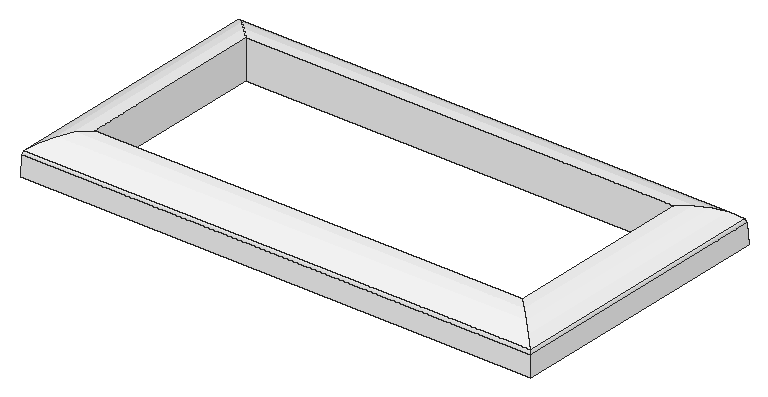
Revit family "Gira_100204", category Electrical Fixtures, host Face, Revit 2017
Family settings
  Host = Face
  Maintain Annotation Orientation = No
  Round Connector Dimension = Use Diameter
  Part Type = Normal
  Cut with Voids When Loaded = No
  Shared = No
  Room Calculation Point = No
Parameters (values of type "Cov.fr. 2-g w/o cb Standard 55 p.white m")
  With mounting grid = "No"
  With hinged lid = "No"
  URL = "http://katalog.gira.de/en/datenblatt.html?artikelnr=100204"
  Type of fastening = "Clamp mounting"
  Transparent = "No"
  Surface protection = "Other"
  Surface finishing = "Matt"
  Suitable for wall duct = "No"
  Suitable for flush-mounted installation = "Yes"
  Suitable for floor box = "No"
  Suitable for built-in installation = "No"
  RAL-number (akin) = "9010"
  Number of units vertical = "2"
  Number of units horizontal = "2"
  Number of units = "2"
  Name = "Cov.fr. 2-g w/o cb Standard 55 p.white m"
  Mounting direction = "Horizontal and vertical"
  Material quality = "Thermoplastic"
  Material = "Plastic"
  Manufacturer URL = "https://www.gira.de/"
  Manufacturer = "Gira"
  Label space/information surface = "No"
  Keynote = ""
  HeinzeBIM = "https://bimportal.heinze.de/bim/cov-fr-2-g-w-o-cb-standard-55-p-white-m/ccfb680b1bdcab1f5a111d0c198cb7225d1dabfe"
  Halogen free = "Yes"
  HAN = "100204"
  GTIN = "4010337002048"
  Description = "Cov.fr.2g w o cb Std55 PWm,Gira Standard 55 cover frame,pure white matt,2-gang without crossbar,Features:,- Shatter-proof.,,Notes :,- Also suitable for duct installation.,- In connection with the seal kit, frame (1-gang to 5-gang) is also suitable for installation as water-protected flush-mounted IP44."
  Degree of protection (IP) = "IP20"
  Default Elevation = 1219.2 mm
  Data sheet (1) = "https://katalog.gira.de/en/download.html?artikelnr=100204"
  Colour = "White"
  Category = "Cover frame for domestic switching devices"
  BIM (1) = "https://media.stage.bim.site/public/gira/36a6b08/Std55_Rahmen_2fach o.Mittelsteg.rfa?public/gira/36a6b08/Std55_Rahmen_2fach o.Mittelsteg.rfa"
  Available = "No"
Reference planes
  plane 1 "Center (Front/Back)": y = 0
  plane 2: z = 0
  plane 3 "Center (Left/Right)": x = 0
  plane 4: y = -75.9
  plane 5: y = 75.9
  plane 6: x = -40.3
  plane 7: x = 40.3
Forms (mm)
  Sweep 1, solid, material "White", detail levels fine
    path origin (0, 0, 0) x (0, -1, 0) y (1, 0, 0)
      loop
        line (40.3, 75.9) -> (-40.3, 75.9) -> (-40.3, -75.9) -> (40.3, -75.9) -> (40.3, 75.9)
    profile origin (75.9, 0, 0) x (-1, 0, 0) y (0, 0, 1)
      loop
        arc (12.22, 11.373) -> (5.983, 10.294) -> (0.641, 6.901) r 16.145
        arc (0.641, 6.901) -> (0.395, 6.426) -> (0.309, 5.898) r 1.694
        line (0.309, 5.898) -> (0, 0) -> (12.319, 0) -> (12.22, 11.373)
  Extrusion 2, solid, material "White", detail levels coarse+medium
    sketch origin (0, 0, 0) x (0, -1, 0) y (1, 0, 0)
      loop
        line (40.3, 75.9) -> (-40.3, 75.9) -> (-40.3, -75.9) -> (40.3, -75.9) -> (40.3, 75.9)
    from 0 to 11.373
Dimensions and locks
  aligned and locked: plane 2 to host face
  aligned and locked: level to host face
